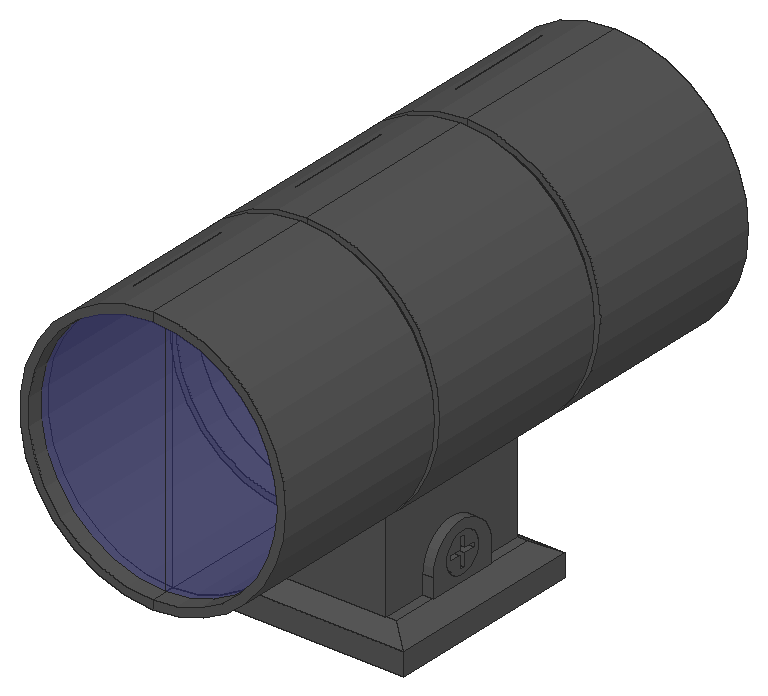
Revit family "CARLO CYLINDER LIGHT WALL MOUNT", category Lighting Fixtures, host Face, Revit 2020 (continued)
Types (10): name | Wattage_Input | Wattage Comments | Wattage | Photometric Web File | built-in parameter 1150142 | Model | built-in parameter 1150105 | Lumens | Light Length 1 | LIGHT RADIUS | LIGHT PLACEMENT | LIGHT LENGTH | LIGHT DIA | built-in parameter 1150106 | FIXED END HEIGHT | Curve base Height | Base Curve | BEAMING ANGLE | Apparent Load
    \n 1400.5 1396.5 1392.5 1389.6 1387 1384.7 1382.3 1379.9 1377 1373.6 \r\n 1369.6 1364.9 1359.2 1352.1 1344.3 1336.3 1327.7 1318.4 1308.5 1297.9 \r\n 1286.9 1275.9 1265.1 1255.2 1245.4 1234.6 1223.5 1212.3 1200.6 1188.1 \r\n 1175.2 1162.3 1149 1135.1 1120.8 1105.7 1090.4 1075.5 1060 1042.7 \r\n 1024.3 1005.4 985.67 965.22 943.47 919.68 894.42 867.5 840.32 813.77 \r\n 789.15 768.58 750.46 734.04 718.85 704.14 689.99 676.31 662.85 649.22 \r\n 635.72 622.56 609.61 596.84 584.19 571.6 558.94 546.11 532.87 519.73 \r\n 504.25 483.74 459.55 431.81 401.53 369.58 336.61 303.52 270.39 237.55 \r\n 204.99 171.98 141.01 114.86 91.894 70.361 53.302 44.688 39.987 35.825 \r\n 32.69 29.949 27.583 25.33 23.288 21.438 19.872 18.741 17.845 17.038 \r\n 16.319 15.627 14.989 14.413 13.891 13.424 12.998 12.603 12.238 11.893 \r\n 11.579 11.31 11.066 10.824 10.601 10.416 10.246 10.071 9.8993 9.7315 \r\n 9.5618 9.3883 9.2015 8.9834 8.7573 8.5512 8.3331 8.0701 7.7931 7.5249 \r\n 7.2564 6.9836 6.7146 6.4592 6.2081 5.9556 5.7011 5.4363 5.1771 4.9447 \r\n 4.7153 4.4634 4.2159 3.9968 3.7888 3.5819 3.3773 3.1705 2.9685 2.7812 \r\n 2.5951 2.3932 2.199 2.0389 1.8862 1.7155 1.549 1.407 1.2706 1.1212 \r\n 0.97762 0.85698 0.74657 0.63833 0.53533 0.43627 0.34618 0.27108 0.20673 0.18971 \r\n 0.18969 0.1795 0.18632 0.23595 0.30536 0.37868 0.46019 0.55519 0.65824 0.76231 \r\n 0.87744 1.0188 1.164 1.2862 1.4136 1.573 1.7409 1.8978 2.0585 2.2326 \r\n 2.415 2.6052 2.7981 2.9854 3.178 3.3892 3.603 3.8006 4.0041 4.2368 \r\n 4.4764 4.7048 4.9322 5.1614 5.3974 5.6523 5.9083 6.1451 6.382 6.6351 \r\n 6.8936 7.1525 7.4107 7.6704 7.9175 8.1336 8.3335 8.5258 8.7111 8.8966 \r\n 9.0712 9.2164 9.3613 9.5368 9.718 9.8797 10.054 10.267 10.508 10.776 \r\n 11.072 11.394 11.743 12.116 12.514 12.936 13.391 13.888 14.426 14.999 \r\n 15.621 16.299 17.048 17.864 18.803 19.899 21.218 22.878 24.754 26.635 \r\n 28.897 31.889 35.479 38.558 44.402 57.004 73.107 89.881 110.03 136.23 \r\n 165.77 196.94 229.48 262.57 296.24 330.6 364.57 397.37 428.25 456.6 \r\n 481.18 499.76 514.76 527.46 539.04 551.3 563.75 576.56 589.63 602.93 \r\n 616.42 630.03 643.76 657.61 671.56 685.4 699.69 714.92 731.02 747.87 \r\n 766.22 786.91 809.59 834.74 860.69 885.9 910.48 933.98 956.5 978.01 \r\n 998.45 1017.6 1035.9 1053.5 1070.6 1087.7 1104.2 1119.4 1133.7 1147.8 \r\n 1161.5 1174.7 1187.5 1199.9 1211.6 1222.4 1232.8 1243 1253.2 1263.6 \r\n 1274 1284.1 1293.7 1302.6 1311 1319.3 1326.9 1333.3 1339 1344.5 \r\n 1349.1 1352.2 1354.4 1356.1 1357.7 1359.8 1362.3 1365.5 1368.9 1372 \r\n 1375 1377.8 1380.6 1383.4 1385.8 1387.1 1387.7 1388 1387.9 1387.6 \r\n 1412.7 \r\n1391.1 1406.8 1407.8 1408 1407.9 1407.5 1407 1406.5 1405.3 1402.5 \r\n 1399 1394.9 1391 1388.4 1386.2 1384 1381.6 1379 1376 1372.5 \r\n 1368.3 1363.1 1357 1349.7 1341.8 1333.6 1324.8 1315.3 1305.2 1294.3 \r\n 1283.2 1272.4 1261.8 1252.1 1242.3 1231.7 1220.6 1209.2 1197.4 1184.8 \r\n 1171.9 1158.9 1145.6 1131.6 1117.1 1102 1086.6 1071.8 1056.2 1038.7 \r\n 1020.2 1001.2 981.29 960.72 938.82 914.76 889.25 862.26 835.2 809.12 \r\n 785.04 764.82 746.95 730.73 715.67 701.02 686.87 673.11 659.63 646.24 \r\n 632.99 619.84 606.87 594.25 581.75 569.21 556.58 543.88 530.7 517.42 \r\n 501.58 480.23 455.21 427.13 396.68 364.54 331.36 297.94 264.51 231.53 \r\n 199.07 166.52 136.44 112.11 90.698 68.935 51.372 43.288 39.232 35.229 \r\n 32.129 29.511 27.217 24.855 22.712 20.974 19.558 18.489 17.629 16.846 \r\n 16.143 15.474 14.855 14.286 13.769 13.316 12.907 12.524 12.169 11.834 \r\n 11.529 11.269 11.033 10.801 10.589 10.413 10.246 10.063 9.8809 9.7126 \r\n 9.5424 9.3595 9.1628 8.9421 8.7136 8.4978 8.2713 8.0091 7.7353 7.4684 \r\n 7.2007 6.9277 6.6586 6.4041 6.1553 5.9087 5.6593 5.395 5.1341 4.8983 \r\n 4.6656 4.4115 4.1647 3.9545 3.7547 3.5453 3.3368 3.1335 2.9342 2.7406 \r\n 2.5485 2.3514 2.1631 2.0017 1.8474 1.68 1.5182 1.3809 1.2475 1.0956 \r\n 0.94935 0.83129 0.72457 0.61779 0.51711 0.42486 0.3412 0.26681 0.20243 0.18104 \r\n 0.17586 0.16216 0.16678 0.21686 0.28683 0.35769 0.43691 0.53239 0.63566 0.73637 \r\n 0.84802 0.9887 1.1343 1.2578 1.3856 1.5415 1.706 1.8644 2.0266 2.1982 \r\n 2.3776 2.5674 2.7602 2.945 3.1356 3.3496 3.5656 3.7584 3.9561 4.1857 \r\n 4.4251 4.661 4.8946 5.1166 5.345 5.6033 5.8652 6.1051 6.3439 6.5977 \r\n 6.8563 7.1143 7.373 7.638 7.8914 8.1121 8.315 8.5063 8.6905 8.8794 \r\n 9.0568 9.1991 9.3397 9.5139 9.6927 9.8475 10.013 10.218 10.451 10.712 \r\n 10.999 11.31 11.649 12.022 12.42 12.831 13.273 13.765 14.295 14.85 \r\n 15.45 16.11 16.837 17.626 18.53 19.573 20.822 22.396 24.162 25.898 \r\n 27.992 30.807 34.201 37.327 42.659 52.754 66.516 83.474 104.31 130.05 \r\n 159.2 190.97 224.2 257.34 290.77 324.61 358.2 391.33 422.79 451.65 \r\n 476.85 496.29 512.05 525.04 536.72 549.07 561.54 574.3 587.23 600.24 \r\n 613.46 627.01 640.74 654.54 668.5 682.54 696.99 712.14 728.03 744.58 \r\n 762.54 782.72 804.93 829.83 855.63 880.67 905.16 928.75 951.39 972.89 \r\n 993.35 1012.7 1031.2 1049 1066.3 1083.5 1099.9 1115 1129.4 1143.6 \r\n 1157.3 1170.7 1183.7 1196 1207.7 1218.5 1228.8 1238.9 1249 1259.4 \r\n 1269.8 1280.1 1290.1 1299.4 1308.3 1316.7 1324.5 1331.3 1337.4 1343.2 \r\n 1348.3 1352 1354.8 1356.9 1358.6 1360.5 1362.5 1365.1 1368 1370.9 \r\n 1373.9 1376.8 1379.8 1382.9 1385.6 1387.1 1387.8 1388.2 1388.2 1387.9 \r\n 1412.7 \r\n1391.1 1406 1406.9 1407.1 1406.8 1406.4 1405.8 1405.2 1403.9 1401.1 \r\n 1397.5 1393.3 1389.5 1387.1 1385.2 1383.2 1380.9 1378.1 1374.9 1371.3 \r\n 1366.9 1361.2 1354.7 1347.3 1339.3 1330.9 1321.9 1312.2 1301.9 1290.7 \r\n 1279.5 1268.8 1258.5 1248.9 1239.2 1228.7 1217.6 1206.1 1194.1 1181.4 \r\n 1168.4 1155.4 1142.1 1128 1113.3 1098.2 1082.8 1067.8 1052.1 1034.5 \r\n 1015.8 996.63 976.59 955.82 933.68 909.28 883.49 856.41 829.48 803.93 \r\n 780.45 760.58 742.98 726.96 712.02 697.43 683.29 669.46 655.94 642.78 \r\n 629.78 616.65 603.7 591.24 578.91 566.43 553.85 541.35 528.27 514.84 \r\n 498.57 476.31 450.36 421.86 391.18 358.83 325.45 291.71 257.99 224.83 \r\n 192.46 160.44 131.32 108.8 88.955 67.16 49.302 41.818 38.428 34.595 \r\n 31.532 29.04 26.821 24.353 22.113 20.496 19.238 18.236 17.412 16.653 \r\n 15.967 15.323 14.724 14.161 13.649 13.211 12.818 12.447 12.103 11.778 \r\n 11.482 11.229 11.001 10.78 10.578 10.409 10.246 10.054 9.8613 9.6925 \r\n 9.5216 9.3282 9.1204 8.8969 8.6659 8.44 8.2044 7.9429 7.6725 7.4072 \r\n 7.1407 6.8679 6.5989 6.3448 6.0978 5.8565 5.6122 5.3495 5.0879 4.8482 \r\n 4.6113 4.3554 4.1098 3.9086 3.7169 3.5045 3.2918 3.0921 2.8959 2.696 \r\n 2.4982 2.3065 2.1247 1.9621 1.8061 1.6418 1.4844 1.3515 1.2211 1.0673 \r\n 0.91908 0.80357 0.70035 0.59491 0.49657 0.41149 0.33466 0.26116 0.19689 0.17114 \r\n 0.16088 0.14425 0.14714 0.19805 0.26723 0.33549 0.41226 0.5076 0.61053 0.70805 \r\n 0.81628 0.95528 1.1003 1.2254 1.3541 1.5061 1.6667 1.8262 1.9897 2.1589 \r\n 2.3353 2.5238 2.7157 2.8988 3.0885 3.3043 3.5213 3.7103 3.9034 4.1295 \r\n 4.3684 4.6123 4.8528 5.0692 5.2909 5.5518 5.8185 6.0622 6.3042 6.5593 \r\n 6.8182 7.0756 7.3348 7.6045 7.8638 8.0901 8.2973 8.4893 8.6737 8.8664 \r\n 9.047 9.1884 9.3266 9.4991 9.675 9.8239 9.9818 10.178 10.401 10.653 \r\n 10.931 11.229 11.557 11.928 12.325 12.724 13.153 13.638 14.159 14.694 \r\n 15.272 15.912 16.616 17.378 18.242 19.232 20.411 21.894 23.547 25.145 \r\n 27.076 29.699 32.881 36.048 40.876 48.528 59.963 76.916 98.222 123.45 \r\n 152.13 184.28 217.98 251.1 284.31 317.67 350.91 384.35 416.38 445.81 \r\n 471.71 492.18 508.91 522.34 534.25 546.73 559.23 571.91 584.68 597.41 \r\n 610.35 623.8 637.5 651.24 665.18 679.38 693.96 709.01 724.7 740.95 \r\n 758.53 778.22 799.96 824.55 850.14 875.05 899.5 923.21 946.01 967.54 \r\n 988.06 1007.7 1026.5 1044.5 1061.9 1079.1 1095.5 1110.6 1125 1139.2 \r\n 1153 1166.6 1179.6 1192 1203.7 1214.5 1224.7 1234.7 1244.7 1255.1 \r\n 1265.5 1276 1286.4 1296.2 1305.6 1314.2 1322.2 1329.4 1336 1342.2 \r\n 1347.7 1352.1 1355.6 1358.1 1360.1 1361.6 1363.2 1365.3 1367.7 1370.4 \r\n 1373.4 1376.5 1379.6 1382.9 1385.8 1387.5 1388.5 1388.9 1389 1388.9 \r\n 1412.7 \r\n1391.1 1405.1 1406 1406.2 1405.9 1405.4 1404.6 1403.9 1402.5 1399.6 \r\n 1395.9 1391.8 1388 1385.9 1384.3 1382.4 1380.1 1377.2 1373.8 1370.1 \r\n 1365.4 1359.4 1352.4 1344.9 1336.9 1328.3 1319.1 1309.1 1298.6 1287.2 \r\n 1275.9 1265.4 1255.3 1245.7 1236 1225.6 1214.6 1203 1190.8 1178 \r\n 1164.9 1151.9 1138.5 1124.3 1109.5 1094.4 1078.9 1063.9 1048.1 1030.3 \r\n 1011.4 992.03 971.76 950.73 928.29 903.52 877.42 850.22 823.39 798.41 \r\n 775.56 756.04 738.67 722.82 708.01 693.49 679.37 665.46 651.91 638.93 \r\n 626.14 613.08 600.18 587.89 575.73 563.33 550.84 538.6 525.67 512.05 \r\n 495.33 472.15 445.28 416.33 385.37 352.83 319.28 285.28 251.34 218.01 \r\n 185.72 154.26 126.07 105.05 86.572 65.064 47.288 40.427 37.64 33.975 \r\n 30.952 28.579 26.432 23.873 21.552 20.051 18.944 18.004 17.215 16.479 \r\n 15.809 15.187 14.608 14.052 13.545 13.119 12.74 12.381 12.046 11.731 \r\n 11.444 11.197 10.975 10.763 10.57 10.409 10.248 10.047 9.8442 9.6748 \r\n 9.5028 9.2984 9.079 8.8524 8.6186 8.3825 8.1379 7.8767 7.6095 7.3458 \r\n 7.0806 6.8083 6.5397 6.2857 6.0398 5.8025 5.5626 5.3029 5.0422 4.7983 \r\n 4.5569 4.2998 4.0562 3.8628 3.678 3.4627 3.2459 3.0498 2.8567 2.6512 \r\n 2.4482 2.2621 2.087 1.9237 1.766 1.6042 1.4503 1.3209 1.1931 1.0383 \r\n 0.8891 0.77588 0.67559 0.5713 0.47509 0.39664 0.32621 0.25376 0.18982 0.15976 \r\n 0.14471 0.1263 0.12837 0.17963 0.24713 0.31285 0.38717 0.48133 0.58295 0.67761 \r\n 0.78273 0.91892 1.0622 1.1891 1.319 1.4667 1.623 1.7829 1.9473 2.1143 \r\n 2.2877 2.4739 2.664 2.8469 3.0367 3.2525 3.4689 3.6565 3.8461 4.0685 \r\n 4.3061 4.5576 4.8052 5.018 5.2349 5.4968 5.7666 6.0142 6.26 6.5168 \r\n 6.7766 7.0338 7.2936 7.5664 7.8303 8.0629 8.2761 8.4709 8.6575 8.8541 \r\n 9.0382 9.1813 9.3197 9.4903 9.6628 9.8078 9.9599 10.146 10.359 10.601 \r\n 10.867 11.151 11.467 11.834 12.226 12.615 13.031 13.507 14.015 14.532 \r\n 15.088 15.708 16.388 17.12 17.944 18.881 19.989 21.38 22.923 24.399 \r\n 26.181 28.603 31.561 34.749 39.105 44.559 53.819 70.434 91.807 116.45 \r\n 144.59 176.69 210.44 243.43 276.44 309.43 342.45 376.15 408.7 438.74 \r\n 465.44 487.15 505.05 519.13 531.4 544.07 556.6 569.21 581.82 594.29 \r\n 606.96 620.27 633.87 647.53 661.44 675.72 690.35 705.3 720.79 736.76 \r\n 753.99 773.21 794.46 818.65 843.96 868.78 893.28 917.16 940.16 961.8 \r\n 982.45 1002.4 1021.5 1039.7 1057.3 1074.5 1090.8 1105.9 1120.4 1134.6 \r\n 1148.5 1162.2 1175.3 1187.8 1199.4 1210.2 1220.4 1230.4 1240.4 1250.7 \r\n 1261.2 1271.8 1282.4 1292.7 1302.5 1311.5 1319.8 1327.5 1334.5 1341.1 \r\n 1347 1352.1 1356.3 1359.3 1361.5 1363 1364.3 1365.9 1367.8 1370.4 \r\n 1373.3 1376.4 1379.6 1383.2 1386.3 1388.2 1389.4 1390 1390.1 1390.1 \r\n 1412.7 \r\n1391.1 1404.3 1405.2 1405.5 1405.2 1404.7 1403.8 1402.8 1401.2 1398.1 \r\n 1394.4 1390.4 1386.9 1384.9 1383.4 1381.7 1379.5 1376.6 1373.1 1369.1 \r\n 1364.2 1357.9 1350.8 1343.2 1335.1 1326.5 1317.2 1306.9 1296 1284.6 \r\n 1273.3 1262.9 1252.8 1243.2 1233.5 1223.1 1212.1 1200.5 1188.3 1175.4 \r\n 1162.2 1149 1135.6 1121.5 1106.9 1091.8 1076.4 1061.2 1045.3 1027.6 \r\n 1008.7 989.07 968.55 947.19 924.41 899.31 872.9 845.3 818.27 793.71 \r\n 771.36 751.89 734.46 718.65 703.87 689.4 675.3 661.35 647.75 634.7 \r\n 621.91 609.11 596.52 584.41 572.41 560.14 547.88 536.17 523.73 510.16 \r\n 493.27 469.8 442.57 413.26 382.04 349.51 316.1 282.38 248.61 214.95 \r\n 182.29 150.93 122.83 101.24 82.559 62.558 46.451 40.04 37.321 33.736 \r\n 30.74 28.428 26.32 23.732 21.381 19.917 18.858 17.939 17.161 16.432 \r\n 15.768 15.156 14.586 14.034 13.53 13.107 12.731 12.374 12.044 11.738 \r\n 11.458 11.212 10.989 10.776 10.583 10.423 10.263 10.057 9.8483 9.681 \r\n 9.5099 9.2958 9.0651 8.8331 8.595 8.3517 8.1012 7.8393 7.5729 7.3088 \r\n 7.0436 6.7739 6.5075 6.2528 6.0052 5.7652 5.5253 5.2751 5.0232 4.776 \r\n 4.5297 4.275 4.035 3.8439 3.6597 3.4404 3.2204 3.0282 2.839 2.6301 \r\n 2.4243 2.243 2.0735 1.9115 1.7532 1.5888 1.4321 1.3017 1.1739 1.0207 \r\n 0.8732 0.7607 0.6606 0.55571 0.45908 0.38173 0.31263 0.24059 0.17722 0.14307 \r\n 0.12487 0.11071 0.11706 0.1662 0.22878 0.2935 0.36634 0.45399 0.54924 0.64321 \r\n 0.74776 0.87782 1.0154 1.1431 1.274 1.4169 1.5678 1.7266 1.8904 2.055 \r\n 2.2253 2.4061 2.5926 2.781 2.9753 3.1825 3.3908 3.5841 3.7815 3.9984 \r\n 4.2301 4.4858 4.7398 4.9563 5.1741 5.4308 5.6955 5.9453 6.195 6.4539 \r\n 6.7156 6.9764 7.2379 7.504 7.7634 8.0059 8.2328 8.4383 8.6341 8.8361 \r\n 9.0257 9.1807 9.329 9.4973 9.6662 9.818 9.9743 10.151 10.348 10.573 \r\n 10.823 11.09 11.389 11.739 12.118 12.5 12.908 13.36 13.843 14.341 \r\n 14.881 15.484 16.141 16.837 17.615 18.499 19.541 20.837 22.284 23.716 \r\n 25.418 27.62 30.324 33.43 37.473 41.962 49.862 64.637 84.301 108.35 \r\n 135.8 165.8 197.52 229.86 262.84 296.14 329.63 363.52 396.39 427.16 \r\n 455 478.55 498.3 513.47 526.41 539.35 551.9 564.49 577.01 589.38 \r\n 601.89 614.8 628.02 641.58 655.39 669.32 683.6 698.42 713.81 729.63 \r\n 746.6 765.33 786 809.45 834.23 859.33 884.35 908.58 931.96 954.11 \r\n 975.27 995.57 1015 1033.6 1051.3 1068.5 1084.9 1100.1 1114.7 1129 \r\n 1143 1156.5 1169.5 1181.8 1193.5 1204.5 1215 1225.1 1235.1 1245.4 \r\n 1255.7 1266 1276.3 1286.8 1297 1306.5 1315.3 1323.5 1331.1 1338 \r\n 1344.3 1350 1354.7 1358.2 1360.9 1362.9 1364.5 1366 1367.7 1370 \r\n 1372.6 1375.5 1378.6 1382 1385.2 1387.4 1389 1389.9 1390.2 1390.4 \r\n 1412.7 \r\n1391.1 1403.5 1404.4 1404.7 1404.6 1404 1402.9 1401.7 1399.9 1396.6 \r\n 1392.8 1389.1 1385.9 1384 1382.5 1380.9 1378.8 1375.9 1372.2 1368 \r\n 1362.9 1356.4 1349.1 1341.5 1333.4 1324.7 1315.3 1304.7 1293.6 1282.2 \r\n 1270.9 1260.5 1250.5 1240.8 1231 1220.5 1209.5 1198 1185.9 1172.9 \r\n 1159.5 1146.2 1132.6 1118.6 1104.2 1089.2 1073.8 1058.5 1042.5 1024.7 \r\n 1005.8 985.99 965.18 943.45 920.28 894.85 868.14 840.18 812.98 788.85 \r\n 767 747.58 730.09 714.29 699.54 685.11 671.05 657.09 643.44 630.28 \r\n 617.46 604.94 592.68 580.73 568.86 556.73 544.68 533.5 521.49 507.87 \r\n 490.74 467.01 439.48 409.79 378.3 345.8 312.59 279.22 245.71 211.87 \r\n 178.97 147.77 119.71 97.167 78.004 59.826 45.768 39.786 37.026 33.518 \r\n 30.559 28.291 26.214 23.629 21.278 19.841 18.811 17.905 17.135 16.412 \r\n 15.752 15.147 14.583 14.036 13.534 13.112 12.736 12.381 12.055 11.756 \r\n 11.484 11.238 11.012 10.797 10.602 10.442 10.28 10.07 9.8572 9.6912 \r\n 9.5198 9.2961 9.0544 8.8167 8.574 8.3241 8.0681 7.8052 7.5392 7.2741 \r\n 7.0087 6.7416 6.4776 6.2221 5.9723 5.7282 5.487 5.2471 5.0052 4.755 \r\n 4.504 4.2524 4.0164 3.8256 3.6402 3.4177 3.1954 3.0064 2.8207 2.6098 \r\n 2.4026 2.2257 2.0612 1.9007 1.742 1.5747 1.4147 1.2822 1.1537 1.0031 \r\n 0.85859 0.74642 0.64582 0.54039 0.4433 0.36603 0.29736 0.22608 0.1637 0.12562 \r\n 0.10454 0.095505 0.10683 0.15327 0.21051 0.27434 0.34576 0.42618 0.51439 0.60787 \r\n 0.71204 0.83521 0.96622 1.0946 1.2266 1.3647 1.5102 1.6669 1.8295 1.9922 \r\n 2.1596 2.3344 2.5166 2.7113 2.9109 3.1081 3.3069 3.508 3.7141 3.9255 \r\n 4.1508 4.4093 4.6686 4.8908 5.1117 5.3618 5.6196 5.871 6.1245 6.3853 \r\n 6.6491 6.914 7.1773 7.4352 7.6886 7.9406 8.1817 8.3995 8.6059 8.8127 \r\n 9.0076 9.1765 9.3365 9.5023 9.6673 9.8272 9.9895 10.157 10.339 10.547 \r\n 10.779 11.03 11.312 11.644 12.007 12.384 12.784 13.212 13.668 14.15 \r\n 14.674 15.261 15.897 16.556 17.29 18.124 19.103 20.307 21.665 23.073 \r\n 24.716 26.705 29.16 32.157 35.934 39.812 46.616 59.25 76.799 100.13 \r\n 126.8 154.32 183.66 215.26 248.23 281.95 316 350.02 383.14 414.65 \r\n 443.66 469.16 490.87 507.33 521.13 534.38 546.97 559.53 571.96 584.3 \r\n 596.68 609.18 621.99 635.44 649.15 662.66 676.53 691.21 706.52 722.19 \r\n 738.91 757.18 777.26 799.88 824.07 849.44 875.02 899.63 923.42 946.14 \r\n 967.88 988.61 1008.4 1027.3 1045.2 1062.4 1078.8 1094.2 1109 1123.5 \r\n 1137.4 1150.7 1163.6 1175.9 1187.7 1198.9 1209.6 1219.9 1230 1240.3 \r\n 1250.5 1260.3 1270.2 1280.8 1291.4 1301.3 1310.7 1319.5 1327.6 1334.8 \r\n 1341.4 1347.6 1352.9 1356.9 1360 1362.6 1364.7 1366.3 1367.9 1369.8 \r\n 1372.1 1374.8 1377.7 1381 1384.1 1386.7 1388.7 1389.8 1390.4 1390.7 \r\n 1412.7 \r\n1391.1 1402.7 1403.6 1404 1404 1403.3 1402.1 1400.6 1398.4 1395 \r\n 1391.3 1387.8 1384.9 1383.1 1381.6 1380 1378 1375.1 1371.3 1366.9 \r\n 1361.5 1354.9 1347.5 1339.8 1331.6 1322.8 1313.3 1302.4 1291 1279.7 \r\n 1268.6 1258.2 1248.2 1238.4 1228.5 1217.9 1206.9 1195.4 1183.3 1170.3 \r\n 1156.8 1143.2 1129.5 1115.7 1101.5 1086.5 1071 1055.6 1039.4 1021.6 \r\n 1002.6 982.54 961.41 939.26 915.67 889.91 862.93 834.71 807
